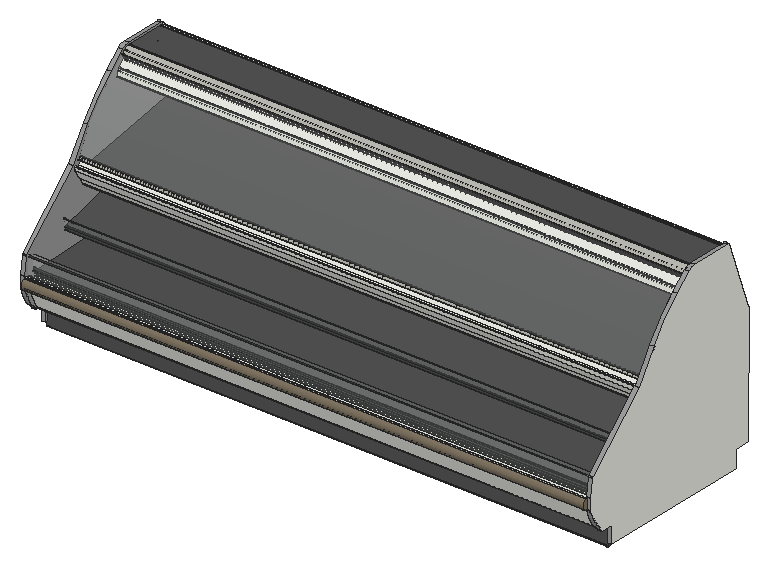
Revit family "CR3-M_2014", category Specialty Equipment, Revit 2014
Parameters (values of type "12'-0" Length")
  Width = 144"
  Waste Drain = 1 1/2"  # constant formula
  Upper Drain = if(Width = 48", 32", if(Width = 72", 44", if(Width = 96", 56", if(Width = 144", 77", 0"))))  # 77"
  URL = "www.hussmann.com"
  Type Comments = "Chino"  # constant formula
  Trim = Stainless Steel
  Total Weight = Case Weight + (2 * End Weight)  # 0.00 lbf
  Splashguard = Textured Sheet Metal (Steel Painted) - 701 Black
  Side Panel - Right [instance] = yes
  Side Panel - Left [instance] = yes
  Shelves = Sheet Metal (Steel Painted) - 701 Black
  Revit Family Date = "09/15/2016"  # constant formula
  Refrigeration Lines Suction = 5/8"  # constant formula
  Refrigeration Lines Liquid = 3/8"  # constant formula
  Refrig. Suction = "Suction"
  Refrig. Liquid = "Liquid"
  Number of Supports = if(Width < 70", 2, if(Width < 140", 3, 4))  # 4
  Note from Manufacturer = "This model only comes in 4'-0\", 6'-0\", 8'-0\", and 12'-0\" lengths."
  Model URL = "http://www.hussmann.com/en/product%20viewer/display-cases/R3M,%20CR3M,%20R3F,%20CR3F"
  Model = "CR3-M"  # constant formula
  Manufacturer Disclaimer = "The information in this file is not intended to be an exact representation of the corresponding Hussmann product.  Further, we reserve the right to change or revise specifications and product design in connection with any feature of our products. Such changes do not entitle the buyer to corresponding changes, improvements, additions, or replacements for equipment previously sold or shipped."  # constant formula
  Manufacturer = "Hussmann Corporation"  # constant formula
  Lower Drain = if(Width = 48", 7", if(Width = 72", 41", if(Width = 96", 53", if(Width = 144", 65", 0"))))  # 65"
  Height = 53 1/4"  # constant formula
  Glazing = Glass
  Ends = Textured Sheet Metal (Steel Painted) - 149 White Satin Matte
  End Weight = 0.00 lbf  # constant formula
  Door Frame = Plastic - 144 Mist Gray
  Description = "Service Meat Top, Multi-Deck, Self-Service Front Merchandiser with Refrigerated or Dry Rear Storage - Curved Glass"  # constant formula
  Depth = 51 3/8"  # constant formula
  Cutsheet URL = "http://www.hussmann.com/en/Technical%20Documents/R3-M,%20CR3-M,%20R3-F,%20CR3-F_ds_En.pdf"
  Case Weight = if(Width = 48", 0.00 lbf, if(Width = 72", 0.00 lbf, if(Width = 96", 0.00 lbf, if(Width = 144", 0.00 lbf, 0.00 lbf))))  # 0.00 lbf
  Case Interior - Side Panel = Stainless Steel
  Case Interior - Back Panel = Stainless Steel
  Case = Textured Sheet Metal (Steel Painted) - 149 White Satin Matte
  Bumper = Extruded PVC - 747 Chocolate Brown
  Assembly Code = ""
  Accessories/Options = ""
  8 Case = Width = 96"  # no
  6 Case = Width = 72"  # no
  4 Case = Width = 48"  # no
  12 Case = Width = 144"  # yes
Reference planes (in)
  plane 1 "Back": y = 0
  plane 2 "Bottom": z = 0
  plane 3 "Top": z = 53.25
  plane 4 "Left": x = -77.30699
  plane 5 "Front": y = -51.375
  plane 6 "Center (Left/Right)": x = -5.30699
  plane 7: x = -78.43199
  plane 8 "Right": x = 66.69301
  plane 9: x = 67.81801
Forms (in)
  Extrusion 1, solid, material "Metal - Copper"
    sketch origin (63.0625, 1.04319, 0) x (1, 0, 0) y (0, 1, 0)
      loop
        arc (-76.49449, -39.16819) -> (-77.02482, -39.38786) -> (-77.24449, -39.91819) r 0.75
        arc (-77.24449, -39.91819) -> (-77.02482, -40.44852) -> (-76.49449, -40.66819) r 0.75
        arc (-76.49449, -40.66819) -> (-75.96416, -40.44852) -> (-75.74449, -39.91819) r 0.75
        arc (-75.74449, -39.91819) -> (-75.96416, -39.38786) -> (-76.49449, -39.16819) r 0.75
      loop
        circle (-76.49449, -39.91819) r 0.7102
    from 5.98508 to 0
  Extrusion 2, solid, material "Metal - Copper"
    sketch origin (57.40105, 5, -0.375) x (1, 0, 0) y (0, 1, 0)
      loop
        circle (2.97946, -42.125) r 0.28859
      loop
        circle (2.97946, -42.125) r 0.3125
    from 6.36008 to 0.375
  Extrusion 3, solid, material "Metal - Copper"
    sketch origin (59.82608, 5, -0.375) x (1, 0, 0) y (0, 1, 0)
      loop
        circle (1.05443, -42.125) r 0.17188
      loop
        circle (1.05443, -42.125) r 0.1875
    from 6.36008 to 0.375
  Extrusion 4, solid, material "Textured Sheet Metal (Steel Painted) - 149 White Satin Matte" <- "Case"
    sketch origin (-5.30699, 0, 0) x (0, 1, 0) y (0, 0, 1)
      loop
        line (-33.38837, 32.56835) -> (-32.48582, 33.74457)
        arc (-32.48582, 33.74457) -> (-32.43851, 33.76986) -> (-32.38829, 33.75097) r 0.065
        line (-32.38829, 33.75097) -> (-31.8949, 33.25757)
        arc (-31.8949, 33.25757) -> (-31.88081, 33.23648) -> (-31.87586, 33.21161) r 0.065
        line (-31.87586, 33.21161) -> (-31.87586, 32.51032)
        arc (-31.87586, 32.51032) -> (-31.87184, 32.49532) -> (-31.86086, 32.48434) r 0.03
        line (-31.86086, 32.48434) -> (-29.72273, 31.24989) -> (-28.88555, 31.3975)
        arc (-28.88555, 31.3975) -> (-28.83699, 31.38674) -> (-28.81026, 31.34478) r 0.065
        line (-28.81026, 31.34478) -> (-28.71363, 30.79681)
        arc (-28.71363, 30.79681) -> (-28.7013, 30.77744) -> (-28.67888, 30.77247) r 0.03
        line (-28.67888, 30.77247) -> (-27.45089, 30.989)
        arc (-27.45089, 30.989) -> (-27.40232, 30.97823) -> (-27.37559, 30.93628) r 0.065
        line (-27.37559, 30.93628) -> (-27.32528, 30.65098)
        arc (-27.32528, 30.65098) -> (-27.31599, 30.63406) -> (-27.29832, 30.6263) r 0.03
        line (-27.29832, 30.6263) -> (-26.84553, 30.58709) -> (-26.86198, 30.39712) -> (-19.20364, 29.99547) -> (-15.18644, 29.99547) -> (-4.3474, 30.51941) -> (-4.3474, 35.42711) -> (-2.94716, 35.42711) -> (-2.98168, 35.52197) -> (-4.51597, 35.52197)
        arc (-4.51597, 35.52197) -> (-4.53525, 35.51495) -> (-4.54551, 35.49718) r 0.03
        line (-4.54551, 35.49718) -> (-4.63952, 34.96406) -> (-4.70058, 34.97482) -> (-4.60657, 35.50794)
        arc (-4.60657, 35.50794) -> (-4.57511, 35.56244) -> (-4.51597, 35.58397) r 0.092
        line (-4.51597, 35.58397) -> (-2.23313, 35.58397) -> (-0.23594, 36.31089)
        arc (-0.23594, 36.31089) -> (-0.16559, 36.30782) -> (-0.11802, 36.2559) r 0.092
        line (-0.11802, 36.2559) -> (-0.00555, 35.94689)
        arc (-0.00555, 35.94689) -> (-0.0014, 35.9314) -> (0, 35.91542) r 0.092
        line (0, 35.91542) -> (0, 35.28405) -> (-0.02202, 35.03232) -> (-0.08379, 35.03772) -> (-0.062, 35.28806) -> (-0.062, 35.41322) -> (-0.27598, 35.41322) -> (-0.20665, 35.15451) -> (-0.20665, 28.41908) -> (-18.65057, 28.41908) -> (-18.65057, 7.54708) -> (-0.27157, 7.54708) -> (-0.27157, 5.90808)
        arc (-0.27157, 5.90808) -> (-0.29061, 5.86212) -> (-0.33657, 5.84308) r 0.065
        line (-0.33657, 5.84308) -> (-0.96459, 5.84308)
        arc (-0.96459, 5.84308) -> (-1.01438, 5.8663) -> (-1.0286, 5.91937) r 0.065
        line (-1.0286, 5.91937) -> (-0.92787, 6.49062) -> (-0.92787, 7.41108) -> (-2.27987, 7.41108) -> (-2.27987, 6.70416)
        arc (-2.27987, 6.70416) -> (-2.28779, 6.66436) -> (-2.31033, 6.63062) r 0.104
        line (-2.31033, 6.63062) -> (-2.99941, 5.94154)
        arc (-2.99941, 5.94154) -> (-3.03315, 5.91899) -> (-3.07295, 5.91108) r 0.104
        line (-3.07295, 5.91108) -> (-3.85387, 5.91108) -> (-3.85387, 5.98508) -> (-46.47246, 5.98508) -> (-46.54679, 5.78148)
        arc (-46.54679, 5.78148) -> (-46.60508, 5.73883) -> (-46.66679, 5.77636) r 0.065
        line (-46.66679, 5.77636) -> (-49.32381, 11.48883) -> (-50.2838, 11.48883)
        arc (-50.2838, 11.48883) -> (-50.34921, 11.51592) -> (-50.3763, 11.58133) r 0.0925
        line (-50.3763, 11.58133) -> (-50.3763, 14.20466)
        arc (-50.3763, 14.20466) -> (-50.34921, 14.27007) -> (-50.2838, 14.29716) r 0.0925
        line (-50.2838, 14.29716) -> (-49.57204, 14.29716)
        arc (-49.57204, 14.29716) -> (-49.50663, 14.27007) -> (-49.47954, 14.20466) r 0.0925
        line (-49.47954, 14.20466) -> (-49.47954, 13.11258) -> (-48.99211, 13.11258) -> (-48.99211, 13.96008) -> (-48.92961, 13.96008) -> (-48.92961, 13.58908) -> (-48.6086, 13.26808) -> (-47.30761, 13.26808) -> (-47.30761, 13.33008) -> (-46.87061, 13.33008) -> (-46.87061, 13.92649)
        arc (-46.87061, 13.92649) -> (-46.84366, 13.99154) -> (-46.77861, 14.01849) r 0.092
        line (-46.77861, 14.01849) -> (-45.83661, 14.01849)
        arc (-45.83661, 14.01849) -> (-45.77155, 13.99154) -> (-45.74461, 13.92649) r 0.092
        line (-45.74461, 13.92649) -> (-45.74461, 13.33008) -> (-45.39961, 13.33008)
        arc (-45.39961, 13.33008) -> (-45.33455, 13.30313) -> (-45.30761, 13.23808) r 0.092
        line (-45.30761, 13.23808) -> (-45.30761, 12.89308) -> (-45.36572, 12.89308) -> (-45.36572, 12.67135) -> (-45.43818, 12.40092) -> (-45.49855, 12.4171) -> (-45.42822, 12.67958) -> (-45.42822, 12.7762) -> (-46.47046, 12.7762) -> (-46.47046, 7.60758) -> (-19.73888, 7.60758) -> (-18.87522, 8.47125) -> (-18.87522, 10.98732) -> (-19.81272, 10.98732) -> (-19.81272, 11.22133) -> (-18.84907, 11.22133) -> (-18.84907, 28.20482) -> (-21.33057, 28.20482) -> (-21.33057, 24.603) -> (-21.46745, 24.603) -> (-21.46745, 23.87685) -> (-21.50774, 23.47946)
        arc (-21.50774, 23.47946) -> (-21.58178, 23.4217) -> (-21.63626, 23.49819) r 0.065
        line (-21.63626, 23.49819) -> (-21.50245, 24.20033) -> (-21.50245, 26.80753) -> (-22.46803, 27.77311) -> (-28.51585, 27.77311)
        arc (-28.51585, 27.77311) -> (-28.53268, 27.77533) -> (-28.54835, 27.78182) r 0.065
        line (-28.54835, 27.78182) -> (-30.14557, 28.70397) -> (-31.02158, 28.70397) -> (-31.21157, 28.59427)
        arc (-31.21157, 28.59427) -> (-31.22554, 28.57605) -> (-31.22254, 28.55328) r 0.03
        line (-31.22254, 28.55328) -> (-31.10515, 28.34998)
        arc (-31.10515, 28.34998) -> (-31.09865, 28.30066) -> (-31.12893, 28.26119) r 0.065
        line (-31.12893, 28.26119) -> (-31.96462, 27.77863)
        arc (-31.96462, 27.77863) -> (-32.01394, 27.77214) -> (-32.05341, 27.80242) r 0.065
        line (-32.05341, 27.80242) -> (-32.18495, 28.03022) -> (-32.14741, 28.0519) -> (-33.019, 29.56079) -> (-33.08089, 29.52506) -> (-34.33754, 31.61446) -> (-34.60221, 32.75898)
        arc (-34.60221, 32.75898) -> (-34.58024, 32.82376) -> (-34.51246, 32.83301) r 0.065
        line (-34.51246, 32.83301) -> (-34.30068, 32.73881) -> (-34.31866, 32.69839) -> (-33.54184, 32.32792) -> (-33.39162, 32.5637)
      loop
        line (-7.7013, 52.90428) -> (-17.15757, 52.90428) -> (-17.15757, 50.83167) -> (-18.95248, 50.83167)
        arc (-18.95248, 50.83167) -> (-18.98787, 50.82463) -> (-19.01788, 50.80458) r 0.0925
        line (-19.01788, 50.80458) -> (-20.44006, 49.3824)
        arc (-20.44006, 49.3824) -> (-20.46011, 49.2816) -> (-20.37465, 49.2245) r 0.0925
        line (-20.37465, 49.2245) -> (-20.45838, 49.2245)
        arc (-20.45838, 49.2245) -> (-20.49795, 49.21106) -> (-20.52116, 49.17632) r 0.065
        line (-20.52116, 49.17632) -> (-20.96518, 47.51924)
        arc (-20.96518, 47.51924) -> (-20.91949, 47.43971) -> (-20.83975, 47.48505) r 0.065
        line (-20.83975, 47.48505) -> (-20.75047, 47.807) -> (-20.7842, 47.81636) -> (-20.87348, 47.4944)
        arc (-20.87348, 47.4944) -> (-20.91028, 47.47348) -> (-20.93137, 47.51019) r 0.03
        line (-20.93137, 47.51019) -> (-20.50953, 49.0845) -> (-20.47593, 49.0755) -> (-20.47593, 48.56476)
        arc (-20.47593, 48.56476) -> (-20.45543, 48.51526) -> (-20.40593, 48.49476) r 0.07
        line (-20.40593, 48.49476) -> (-19.18749, 48.49476)
        arc (-19.18749, 48.49476) -> (-19.14153, 48.5138) -> (-19.12249, 48.55976) r 0.065
        line (-19.12249, 48.55976) -> (-19.12249, 49.1595)
        arc (-19.12249, 49.1595) -> (-19.14153, 49.20546) -> (-19.18749, 49.2245) r 0.065
        line (-19.18749, 49.2245) -> (-19.4124, 49.2245) -> (-19.4124, 49.287) -> (-20.08187, 49.287) -> (-18.85794, 50.51093) -> (-10.33522, 50.51093) -> (-10.33522, 50.81867) -> (-8.18319, 50.81867) -> (-8.3657, 50.31723)
        arc (-8.3657, 50.31723) -> (-8.3631, 50.25759) -> (-8.31908, 50.21726) r 0.078
        line (-8.31908, 50.21726) -> (-7.21684, 49.81607)
        arc (-7.21684, 49.81607) -> (-7.19016, 49.81137) -> (-7.16349, 49.81607) r 0.078
        line (-7.16349, 49.81607) -> (-5.87825, 50.28386)
        arc (-5.87825, 50.28386) -> (-5.83424, 50.32419) -> (-5.83163, 50.38383) r 0.078
        arc (-5.83163, 50.38383) -> (-5.78406, 50.33192) -> (-5.71372, 50.32885) r 0.092
        line (-5.71372, 50.32885) -> (-5.41208, 50.43863)
        arc (-5.41208, 50.43863) -> (-5.36016, 50.4862) -> (-5.35709, 50.55655) r 0.092
        line (-5.35709, 50.55655) -> (-6.30348, 53.15672)
        arc (-6.30348, 53.15672) -> (-6.41404, 53.30081) -> (-6.58726, 53.35543) r 0.302
        line (-6.58726, 53.35543) -> (-7.1713, 53.35543)
        arc (-7.1713, 53.35543) -> (-7.23635, 53.32848) -> (-7.2633, 53.26343) r 0.092
        line (-7.2633, 53.26343) -> (-7.2633, 52.98303) -> (-7.6233, 52.98303)
        arc (-7.6233, 52.98303) -> (-7.67872, 52.95992) -> (-7.7013, 52.90428) r 0.078
      loop
        arc (-8.70629, 49.87386) -> (-8.55803, 49.99329) -> (-8.49628, 50.17339) r 0.34306
        line (-8.49628, 50.17339) -> (-8.49245, 50.25227) -> (-8.62388, 50.25405) -> (-18.46227, 50.3871) -> (-18.46058, 50.30815)
        arc (-18.46058, 50.30815) -> (-18.4035, 50.12616) -> (-18.25803, 50.0028) r 0.34295
        arc (-18.25803, 50.0028) -> (-18.21882, 49.96922) -> (-18.20356, 49.91992) r 0.093
        line (-18.20356, 49.91992) -> (-18.159, 48.15335)
        spline (-18.159, 48.15335) -> (-18.15533, 48.09935) -> (-18.14707, 48.04586) -> (-18.1343, 47.99327) -> (-18.11709, 47.94196) -> (-18.09558, 47.89229) -> (-18.06991, 47.84464) -> (-18.04029, 47.79934) -> (-18.00691, 47.75672) -> (-17.97003, 47.7171) -> (-17.9299, 47.68077) -> (-17.88683, 47.64797) -> (-17.84113, 47.61896)
        line (-17.84113, 47.61896) -> (-16.08485, 46.60647)
        spline (-16.08485, 46.60647) -> (-16.05336, 46.58834) -> (-16.02231, 46.57049) -> (-15.99206, 46.55314) -> (-15.96298, 46.53649) -> (-15.9354, 46.52074) -> (-15.90965, 46.50608) -> (-15.88605, 46.49268) -> (-15.86487, 46.48071) -> (-15.84637, 46.47029) -> (-15.83076, 46.46157) -> (-15.81823, 46.45464) -> (-15.80892, 46.44958)
        arc (-15.80892, 46.44958) -> (-15.75024, 46.42542) -> (-15.68736, 46.41686) r 0.24938
        line (-15.68736, 46.41686) -> (-10.05286, 46.3406) -> (-9.7997, 47.24959) -> (-9.40546, 47.63315)
        spline (-9.40546, 47.63315) -> (-9.39704, 47.6417) -> (-9.38901, 47.65061) -> (-9.38138, 47.65987) -> (-9.37415, 47.66944) -> (-9.36735, 47.67932) -> (-9.36099, 47.68949) -> (-9.35508, 47.69993) -> (-9.34963, 47.71061) -> (-9.34465, 47.72153) -> (-9.34015, 47.73265) -> (-9.33614, 47.74395) -> (-9.33263, 47.75542)
        line (-9.33263, 47.75542) -> (-8.7574, 49.79094)
        arc (-8.7574, 49.79094) -> (-8.74105, 49.84073) -> (-8.7004, 49.87378) r 0.09302
    from 72 to -72
  Extrusion 5, solid, material "Sheet Metal (Steel Painted) - 701 Black" <- "Shelves"
    sketch origin (-5.30699, 0, 0) x (0, 1, 0) y (0, 0, 1)
      loop
        line (-47.61712, 14.45678) -> (-47.60219, 13.99202) -> (-20.77257, 14.85426) -> (-20.77257, 24.58807) -> (-21.46057, 24.58807) -> (-21.46057, 15.3324) -> (-47.61825, 14.49176)
        arc (-47.61825, 14.49176) -> (-47.63973, 14.49986) -> (-47.6492, 14.52078) r 0.03
        line (-47.6492, 14.52078) -> (-47.68035, 15.49028)
        arc (-47.68035, 15.49028) -> (-47.75306, 15.55273) -> (-47.80894, 15.47486) r 0.065
        line (-47.80894, 15.47486) -> (-47.73857, 15.13915) -> (-47.70432, 15.14633) -> (-47.68418, 14.51966)
        arc (-47.68418, 14.51966) -> (-47.66367, 14.47433) -> (-47.61712, 14.45678) r 0.065
    from 72 to -72
  Extrusion 6, solid, material "Sheet Metal (Steel Painted) - 701 Black" <- "Shelves"
    sketch origin (-5.30699, 0, 0) x (0, 1, 0) y (0, 0, 1)
      loop
        arc (-37.37591, 20.55304) -> (-37.41386, 20.52392) -> (-37.4201, 20.4765) r 0.0625
        line (-37.4201, 20.4765) -> (-37.20032, 19.65628) -> (-37.45375, 19.58853) -> (-37.62233, 20.31883) -> (-37.68275, 20.30488) -> (-37.51403, 19.5741)
        arc (-37.51403, 19.5741) -> (-37.48555, 19.53491) -> (-37.43757, 19.52816) r 0.062
        line (-37.43757, 19.52816) -> (-36.59239, 19.75463) -> (-36.60996, 19.82019)
        arc (-36.60996, 19.82019) -> (-36.5977, 19.83875) -> (-36.59726, 19.86099) r 0.04
        line (-36.59726, 19.86099) -> (-36.77098, 20.52878) -> (-35.92628, 20.75209) -> (-35.88731, 20.60665) -> (-35.804, 20.62897)
        arc (-35.804, 20.62897) -> (-35.77744, 20.62547) -> (-35.76113, 20.60422) r 0.035
        line (-35.76113, 20.60422) -> (-35.68092, 20.30489)
        arc (-35.68092, 20.30489) -> (-35.66826, 20.27965) -> (-35.64666, 20.26146) r 0.07
        line (-35.64666, 20.26146) -> (-35.12588, 19.97927)
        arc (-35.12588, 19.97927) -> (-35.04917, 19.98586) -> (-35.02491, 20.05893) r 0.07
        line (-35.02491, 20.05893) -> (-35.07702, 20.25341) -> (-21.79848, 23.74887)
        arc (-21.79848, 23.74887) -> (-21.76053, 23.77799) -> (-21.75428, 23.82542) r 0.0625
        line (-21.75428, 23.82542) -> (-21.9484, 24.54987)
        arc (-21.9484, 24.54987) -> (-21.97752, 24.58782) -> (-22.02494, 24.59406) r 0.0625
        line (-22.02494, 24.59406) -> (-37.37591, 20.55304)
    from 72 to -72
  Extrusion 7, solid, material "Glass" <- "Glazing"
    sketch origin (-5.30699, 0, 0) x (0, 1, 0) y (0, 0, 1)
      loop
        line (-38.15322, 22.24812) -> (-37.44146, 19.59182) -> (-37.19994, 19.65639) -> (-37.91173, 22.31283)
        arc (-37.91173, 22.31283) -> (-38.06483, 22.40122) -> (-38.15322, 22.24812) r 0.125
    from 72 to -72
  Extrusion 8, solid, material "Glass" <- "Glazing"
    sketch origin (-5.30699, 0, 0) x (0, 1, 0) y (0, 0, 1)
      loop
        line (-49.47954, 18.6907) -> (-49.47954, 13.11258) -> (-48.99211, 13.11258) -> (-48.99211, 18.61243)
        arc (-48.99211, 18.61243) -> (-49.20247, 18.85926) -> (-49.47954, 18.6907) r 0.25
    from 72 to -72
  Extrusion 9, solid, material "Extruded PVC - 747 Chocolate Brown" <- "Bumper"
    sketch origin (-5.30699, 0, 0) x (0, 1, 0) y (0, 0, 1)
      loop
        arc (-50.3763, 13.97878) -> (-51.3763, 12.72878) -> (-50.3763, 11.47878) r 1.28125
        line (-50.3763, 11.47878) -> (-50.3763, 13.97878)
    from 72 to -72
  Extrusion 10, solid, material "Sheet Metal (Steel Painted) - 701 Black" <- "Shelves"
    sketch origin (-5.30699, 0, 0) x (0, 1, 0) y (0, 0, 1)
      loop
        line (-7.38303, 53.29798) -> (-17.05429, 53.29798) -> (-17.09366, 53.25861) -> (-17.09366, 53.02831) -> (-16.98879, 52.90767) -> (-16.79783, 52.90767) -> (-16.73329, 52.98302) -> (-7.38303, 52.98302) -> (-7.34366, 53.02239) -> (-7.34366, 53.25861) -> (-7.38303, 53.29798)
    from 72 to -72
  Extrusion 11, solid, material "Plastic - 144 Mist Gray" <- "Door Frame"
    sketch origin (-5.30699, 0, 0) x (0, 1, 0) y (0, 0, 1)
      loop
        line (-32.96754, 34.44172) -> (-33.23095, 33.77271)
        arc (-33.23095, 33.77271) -> (-33.23011, 33.72527) -> (-33.19597, 33.69231) r 0.062
        line (-33.19597, 33.69231) -> (-32.96467, 33.60295)
        arc (-32.96467, 33.60295) -> (-32.91766, 33.6039) -> (-32.88483, 33.63756) r 0.062
        line (-32.88483, 33.63756) -> (-32.87204, 33.66924)
        arc (-32.87204, 33.66924) -> (-32.83903, 33.70299) -> (-32.79184, 33.70372) r 0.062
        line (-32.79184, 33.70372) -> (-32.72201, 33.67623)
        arc (-32.72201, 33.67623) -> (-32.66747, 33.73008) -> (-32.68762, 33.80403) r 0.07595
        line (-32.68762, 33.80403) -> (-32.66677, 33.85729) -> (-32.51145, 33.71117) -> (-32.3787, 33.88418) -> (-32.54549, 34.14124)
        arc (-32.54549, 34.14124) -> (-32.489, 34.18537) -> (-32.49373, 34.2569) r 0.07661
        line (-32.49373, 34.2569) -> (-32.64938, 34.31713)
        arc (-32.64938, 34.31713) -> (-32.66833, 34.31835) -> (-32.68443, 34.30828) r 0.031
        arc (-32.68443, 34.30828) -> (-32.81429, 33.98404) -> (-32.94132, 33.65868) r 40
        line (-32.94132, 33.65868) -> (-33.17394, 33.75027)
        arc (-33.17394, 33.75027) -> (-33.04315, 34.08514) -> (-32.90937, 34.41882) r 40.25
        line (-32.90937, 34.41882) -> (-32.96754, 34.44172)
      loop
        line (-18.83593, 51.52449) -> (-18.6385, 51.17915)
        arc (-18.6385, 51.17915) -> (-18.55725, 51.08594) -> (-18.44638, 51.03119) r 0.31496
        line (-18.44638, 51.03119) -> (-17.69979, 50.83167) -> (-17.15757, 50.83167) -> (-17.15757, 52.90428) -> (-16.98584, 52.90428) -> (-17.06801, 52.99881) -> (-17.13592, 52.99881) -> (-17.13592, 53.27146)
        arc (-17.13592, 53.27146) -> (-17.14169, 53.28538) -> (-17.15561, 53.29115) r 0.01969
        line (-17.15561, 53.29115) -> (-17.23567, 53.29115)
        arc (-17.23567, 53.29115) -> (-17.40817, 53.06189) -> (-17.49374, 52.78804) r 0.84252
        line (-17.49374, 52.78804) -> (-17.56189, 52.78518)
        arc (-17.56189, 52.78518) -> (-17.51746, 52.98456) -> (-17.43036, 53.16932) r 0.9252
        arc (-17.43036, 53.16932) -> (-17.43084, 53.19069) -> (-17.45052, 53.19902) r 0.01968
        arc (-17.45052, 53.19902) -> (-18.50854, 52.75906) -> (-19.2771, 51.9092) r 2.61653
        arc (-19.2771, 51.9092) -> (-19.27989, 51.87327) -> (-19.25227, 51.85012) r 0.03937
        line (-19.25227, 51.85012) -> (-18.61303, 52.29494) -> (-18.48735, 52.38442)
        arc (-18.48735, 52.38442) -> (-18.42794, 52.3978) -> (-18.37675, 52.36481) r 0.07874
        line (-18.37675, 52.36481) -> (-18.31698, 52.27768) -> (-18.44492, 52.27232) -> (-18.49919, 52.15378) -> (-18.44373, 52.07574)
        arc (-18.44373, 52.07574) -> (-18.43706, 52.04602) -> (-18.45358, 52.02044) r 0.03937
        line (-18.45358, 52.02044) -> (-18.58078, 51.93334) -> (-19.06946, 51.59874)
        arc (-19.06946, 51.59874) -> (-19.09424, 51.56037) -> (-19.08424, 51.5158) r 0.05905
        line (-19.08424, 51.5158) -> (-19.01642, 51.42037)
        arc (-19.01642, 51.42037) -> (-19.00366, 51.41237) -> (-18.98897, 51.41573) r 0.01969
        line (-18.98897, 51.41573) -> (-18.83593, 51.52449)
    from 72 to -72
  Extrusion 12, solid, material "Textured Sheet Metal (Steel Painted) - 701 Black" <- "Splashguard"
    sketch origin (-5.30699, 0, 0) x (0, 1, 0) y (0, 0, 1)
      loop
        arc (-43.33825, 5.48508) -> (-43.363, 5.47483) -> (-43.37325, 5.45008) r 0.035
        line (-43.37325, 5.45008) -> (-43.37325, 0.02008)
        arc (-43.37325, 0.02008) -> (-43.363, -0.00467) -> (-43.33825, -0.01492) r 0.035
        line (-43.33825, -0.01492) -> (-42.83825, -0.01492)
        arc (-42.83825, -0.01492) -> (-42.8135, -0.00467) -> (-42.80325, 0.02008) r 0.035
        line (-42.80325, 0.02008) -> (-42.80325, 0.39508) -> (-42.88512, 0.39508) -> (-42.88512, 5.07508) -> (-42.80325, 5.07508) -> (-42.80325, 5.45008)
        arc (-42.80325, 5.45008) -> (-42.8135, 5.47483) -> (-42.83825, 5.48508) r 0.035
        line (-42.83825, 5.48508) -> (-43.33825, 5.48508)
      loop
        line (-4.19387, 5.48508) -> (-4.19387, 0.45495) -> (-3.8561, 0.05241) -> (-3.47425, -0.01492) -> (-3.46817, 0.01955) -> (-3.83748, 0.08467) -> (-4.15887, 0.46769) -> (-4.15887, 5.48508) -> (-4.19387, 5.48508)
    from 72 to -72
  Extrusion 13, solid, material "Sheet Metal (Steel Painted) - 701 Black" <- "Shelves"
    sketch origin (-5.30699, 0, 0) x (0, 1, 0) y (0, 0, 1)
      loop
        line (-30.31615, 31.72987) -> (-30.75068, 31.98075)
        arc (-30.75068, 31.98075) -> (-30.82336, 31.95979) -> (-30.79966, 31.88796) r 0.0525
        line (-30.79966, 31.88796) -> (-30.46163, 31.72559) -> (-30.44364, 31.76306) -> (-30.3431, 31.70502)
        arc (-30.3431, 31.70502) -> (-30.32189, 31.6973) -> (-30.29931, 31.6973) r 0.065
        line (-30.29931, 31.6973) -> (-29.01078, 31.9245) -> (-28.94987, 31.57908) -> (-4.26812, 35.93113) -> (-4.32903, 36.27656) -> (-4.20183, 36.29899)
        arc (-4.20183, 36.29899) -> (-4.18257, 36.29595) -> (-4.16925, 36.28172) r 0.03
        line (-4.16925, 36.28172) -> (-4.07651, 36.07493) -> (-4.04458, 36.08926) -> (-4.13731, 36.29604)
        arc (-4.13731, 36.29604) -> (-4.16618, 36.32688) -> (-4.20791, 36.33346) r 0.065
        line (-4.20791, 36.33346) -> (-30.31615, 31.72987)
    from 72 to -72
  Extrusion 14, solid, material "Glass" <- "Glazing"
    sketch origin (-5.30699, 0, 0) x (0, 1, 0) y (0, 0, 1)
      loop
        line (-18.48736, 52.0493) -> (-18.63016, 52.2545)
        arc (-18.63016, 52.2545) -> (-27.28477, 44.08917) -> (-33.17394, 33.75027) r 40.25
        line (-33.17394, 33.75027) -> (-32.94132, 33.65868)
        arc (-32.94132, 33.65868) -> (-27.08866, 43.93412) -> (-18.48736, 52.0493) r 40
    from 72 to -72
  Extrusion 15, solid, material "Metal - Copper"
    sketch origin (-56.6875, 24.04319, 0) x (1, 0, 0) y (0, 1, 0)
      loop
        arc (56.38051, -40.66819) -> (55.85018, -40.88786) -> (55.63051, -41.41819) r 0.75
        arc (55.63051, -41.41819) -> (55.85018, -41.94852) -> (56.38051, -42.16819) r 0.75
        arc (56.38051, -42.16819) -> (56.91084, -41.94852) -> (57.13051, -41.41819) r 0.75
        arc (57.13051, -41.41819) -> (56.91084, -40.88786) -> (56.38051, -40.66819) r 0.75
      loop
        circle (56.38051, -41.41819) r 0.7102
    from 5.98508 to 0
  Extrusion 16, solid, material "Glass" <- "Glazing"
    sketch origin (-5.30699, 0, 0) x (0, 1, 0) y (0, 0, 1)
      loop
        line (-47.77768, 18.51872) -> (-47.6492, 14.52078) -> (-47.39933, 14.52881) -> (-47.52781, 18.52675) -> (-47.77768, 18.51872)
    from 72 to -72
  Extrusion 17, solid, material "Stainless Steel" <- "Case Interior - Back Panel", visible <- "12 Case"
    sketch origin (-77.30699, 0, 0) x (0, 1, 0) y (0, 0, 1)
      loop
        line (-3.0039, 35.56897) -> (-2.27433, 35.56897) -> (-0.17956, 36.33141) -> (-5.4525, 50.81867) -> (-8.55461, 50.81867) -> (-3.0039, 35.56897)
    from 144 to 143.5
  Extrusion 18, solid, material "Stainless Steel" <- "Case Interior - Back Panel", visible <- "12 Case"
    sketch origin (-77.30699, 0, 0) x (0, 1, 0) y (0, 0, 1)
      loop
        line (-3.0039, 35.56897) -> (-2.27433, 35.56897) -> (-0.17956, 36.33141) -> (-5.4525, 50.81867) -> (-8.55461, 50.81867) -> (-3.0039, 35.56897)
    from 96.5 to 95.5
  Extrusion 19, solid, material "Stainless Steel" <- "Case Interior - Back Panel", visible <- "12 Case"
    sketch origin (-77.30699, 0, 0) x (0, 1, 0) y (0, 0, 1)
      loop
        line (-3.0039, 35.56897) -> (-2.27433, 35.56897) -> (-0.17956, 36.33141) -> (-5.4525, 50.81867) -> (-8.55461, 50.81867) -> (-3.0039, 35.56897)
    from 48.5 to 47.5
  Extrusion 20, solid, material "Stainless Steel" <- "Case Interior - Back Panel", visible <- "12 Case"
    sketch origin (-77.30699, 0, 0) x (0, 1, 0) y (0, 0, 1)
      loop
        line (-3.0039, 35.56897) -> (-2.27433, 35.56897) -> (-0.17956, 36.33141) -> (-5.4525, 50.81867) -> (-8.55461, 50.81867) -> (-3.0039, 35.56897)
    from 0.5 to 0
  Extrusion 21, solid, material "Stainless Steel" <- "Case Interior - Back Panel", visible <- "12 Case", not visible
    sketch origin (-77.30699, 0, 0) x (0, 1, 0) y (0, 0, 1)
      loop
        line (-3.0039, 35.56897) -> (-2.27433, 35.56897) -> (-0.17956, 36.33141) -> (-5.4525, 50.81867) -> (-8.55461, 50.81867) -> (-3.0039, 35.56897)
    from 144 to 143.5
  Extrusion 22, solid, material "Stainless Steel" <- "Case Interior - Back Panel", visible <- "12 Case", not visible
    sketch origin (-77.30699, 0, 0) x (0, 1, 0) y (0, 0, 1)
      loop
        line (-3.0039, 35.56897) -> (-2.27433, 35.56897) -> (-0.17956, 36.33141) -> (-5.4525, 50.81867) -> (-8.55461, 50.81867) -> (-3.0039, 35.56897)
    from 96.5 to 95.5
  Extrusion 23, solid, material "Stainless Steel" <- "Case Interior - Back Panel", visible <- "12 Case", not visible
    sketch origin (-77.30699, 0, 0) x (0, 1, 0) y (0, 0, 1)
      loop
        line (-3.0039, 35.56897) -> (-2.27433, 35.56897) -> (-0.17956, 36.33141) -> (-5.4525, 50.81867) -> (-8.55461, 50.81867) -> (-3.0039, 35.56897)
    from 48.5 to 47.5
  Extrusion 24, solid, material "Stainless Steel" <- "Case Interior - Back Panel", visible <- "12 Case", not visible
    sketch origin (-77.30699, 0, 0) x (0, 1, 0) y (0, 0, 1)
      loop
        line (-3.0039, 35.56897) -> (-2.27433, 35.56897) -> (-0.17956, 36.33141) -> (-5.4525, 50.81867) -> (-8.55461, 50.81867) -> (-3.0039, 35.56897)
    from 0.5 to 0
  Extrusion 25, solid, material "Stainless Steel" <- "Case Interior - Back Panel", visible <- "8 Case"
    sketch origin (-77.30699, 0, 0) x (0, 1, 0) y (0, 0, 1)
      loop
        line (-3.0039, 35.56897) -> (-2.27433, 35.56897) -> (-0.17956, 36.33141) -> (-5.4525, 50.81867) -> (-8.55461, 50.81867) -> (-3.0039, 35.56897)
    from 96 to 95.5
  Extrusion 26, solid, material "Stainless Steel" <- "Case Interior - Back Panel", visible <- "8 Case"
    sketch origin (-77.30699, 0, 0) x (0, 1, 0) y (0, 0, 1)
      loop
        line (-3.0039, 35.56897) -> (-2.27433, 35.56897) -> (-0.17956, 36.33141) -> (-5.4525, 50.81867) -> (-8.55461, 50.81867) -> (-3.0039, 35.56897)
    from 48.5 to 47.5
  Extrusion 27, solid, material "Stainless Steel" <- "Case Interior - Back Panel", visible <- "8 Case"
    sketch origin (-77.30699, 0, 0) x (0, 1, 0) y (0, 0, 1)
      loop
        line (-3.0039, 35.56897) -> (-2.27433, 35.56897) -> (-0.17956, 36.33141) -> (-5.4525, 50.81867) -> (-8.55461, 50.81867) -> (-3.0039, 35.56897)
    from 0.5 to 0
  Extrusion 28, solid, material "Stainless Steel" <- "Case Interior - Back Panel", visible <- "8 Case", not visible
    sketch origin (-77.30699, 0, 0) x (0, 1, 0) y (0, 0, 1)
      loop
        line (-3.0039, 35.56897) -> (-2.27433, 35.56897) -> (-0.17956, 36.33141) -> (-5.4525, 50.81867) -> (-8.55461, 50.81867) -> (-3.0039, 35.56897)
    from 96 to 95.5
  Extrusion 29, solid, material "Stainless Steel" <- "Case Interior - Back Panel", visible <- "8 Case", not visible
    sketch origin (-77.30699, 0, 0) x (0, 1, 0) y (0, 0, 1)
      loop
        line (-3.0039, 35.56897) -> (-2.27433, 35.56897) -> (-0.17956, 36.33141) -> (-5.4525, 50.81867) -> (-8.55461, 50.81867) -> (-3.0039, 35.56897)
    from 48.5 to 47.5
  Extrusion 30, solid, material "Stainless Steel" <- "Case Interior - Back Panel", visible <- "8 Case", not visible
    sketch origin (-77.30699, 0, 0) x (0, 1, 0) y (0, 0, 1)
      loop
        line (-3.0039, 35.56897) -> (-2.27433, 35.56897) -> (-0.17956, 36.33141) -> (-5.4525, 50.81867) -> (-8.55461, 50.81867) -> (-3.0039, 35.56897)
    from 0.5 to 0
  Extrusion 31, solid, material "Stainless Steel" <- "Case Interior - Back Panel", visible <- "6 Case"
    sketch origin (-77.30699, 0, 0) x (0, 1, 0) y (0, 0, 1)
      loop
        line (-3.0039, 35.56897) -> (-2.27433, 35.56897) -> (-0.17956, 36.33141) -> (-5.4525, 50.81867) -> (-8.55461, 50.81867) -> (-3.0039, 35.56897)
    from 72 to 71.5
  Extrusion 32, solid, material "Stainless Steel" <- "Case Interior - Back Panel", visible <- "6 Case"
    sketch origin (-77.30699, 0, 0) x (0, 1, 0) y (0, 0, 1)
      loop
        line (-3.0039, 35.56897) -> (-2.27433, 35.56897) -> (-0.17956, 36.33141) -> (-5.4525, 50.81867) -> (-8.55461, 50.81867) -> (-3.0039, 35.56897)
    from 0.5 to 0
  Extrusion 33, solid, material "Stainless Steel" <- "Case Interior - Back Panel", visible <- "6 Case", not visible
    sketch origin (-72.99499, 10.38492, -11.25191) x (0, 1, 0) y (0, 0, 1)
      loop
        line (-3.0039, 35.56897) -> (-2.27433, 35.56897) -> (-0.17956, 36.33141) -> (-5.4525, 50.81867) -> (-8.55461, 50.81867) -> (-3.0039, 35.56897)
    from 72 to 71.5
  Extrusion 34, solid, material "Stainless Steel" <- "Case Interior - Back Panel", visible <- "6 Case", not visible
    sketch origin (-72.99499, 10.38492, -11.25191) x (0, 1, 0) y (0, 0, 1)
      loop
        line (-3.0039, 35.56897) -> (-2.27433, 35.56897) -> (-0.17956, 36.33141) -> (-5.4525, 50.81867) -> (-8.55461, 50.81867) -> (-3.0039, 35.56897)
    from 0.5 to 0
  Extrusion 35, solid, material "Stainless Steel" <- "Case Interior - Back Panel", visible <- "4 Case"
    sketch origin (-77.30699, 0, 0) x (0, 1, 0) y (0, 0, 1)
      loop
        line (-3.0039, 35.56897) -> (-2.27433, 35.56897) -> (-0.17956, 36.33141) -> (-5.4525, 50.81867) -> (-8.55461, 50.81867) -> (-3.0039, 35.56897)
    from 48 to 47.5
  Extrusion 36, solid, material "Stainless Steel" <- "Case Interior - Back Panel", visible <- "4 Case"
    sketch origin (-77.30699, 0, 0) x (0, 1, 0) y (0, 0, 1)
      loop
        line (-3.0039, 35.56897) -> (-2.27433, 35.56897) -> (-0.17956, 36.33141) -> (-5.4525, 50.81867) -> (-8.55461, 50.81867) -> (-3.0039, 35.56897)
    from 0.5 to 0
  Extrusion 37, solid, material "Stainless Steel" <- "Case Interior - Back Panel", visible <- "4 Case", not visible
    sketch origin (-77.30699, 0, 0) x (0, 1, 0) y (0, 0, 1)
      loop
        line (-3.0039, 35.56897) -> (-2.27433, 35.56897) -> (-0.17956, 36.33141) -> (-5.4525, 50.81867) -> (-8.55461, 50.81867) -> (-3.0039, 35.56897)
    from 48 to 47.5
  Extrusion 38, solid, material "Stainless Steel" <- "Case Interior - Back Panel", visible <- "4 Case", not visible
    sketch origin (-77.30699, 0, 0) x (0, 1, 0) y (0, 0, 1)
      loop
        line (-3.0039, 35.56897) -> (-2.27433, 35.56897) -> (-0.17956, 36.33141) -> (-5.4525, 50.81867) -> (-8.55461, 50.81867) -> (-3.0039, 35.56897)
    from 0.5 to 0
  Extrusion 39, solid, material "Textured Sheet Metal (Steel Painted) - 149 White Satin Matte" <- "Ends", visible <- "Side Panel - Right"
    sketch origin (66.69301, 0, 0) x (0, 0, 1) y (0, -1, 0)
      loop
        line (14.37387, 50.38493) -> (11.46764, 50.38493)
        arc (11.46764, 50.38493) -> (11.43063, 50.38218) -> (11.39444, 50.37398) r 0.25
        arc (11.39444, 50.37398) -> (8.20563, 48.95989) -> (5.44554, 46.82679) r 14.53568
        arc (5.44554, 46.82679) -> (5.38353, 46.72278) -> (5.36534, 46.60305) r 0.315
        line (5.36534, 46.60305) -> (5.36534, 43.99632)
        arc (5.36534, 43.99632) -> (5.2555, 43.73116) -> (4.99034, 43.62132) r 0.375
        line (4.99034, 43.62132) -> (1, 43.62132) -> (1, 3.98736) -> (4.99034, 3.98736)
        arc (4.99034, 3.98736) -> (5.2555, 3.87752) -> (5.36534, 3.61236) r 0.375
        line (5.36534, 3.61236) -> (5.36534, 0.20841)
        arc (5.36534, 0.20841) -> (5.43856, 0.03163) -> (5.61534, -0.04159) r 0.25
        line (5.61534, -0.04159) -> (36.42209, -0.04159)
        arc (36.42209, -0.04159) -> (36.4655, -0.0378) -> (36.5076, -0.02652) r 0.25
        line (36.5076, -0.02652) -> (53.39927, 6.12155)
        arc (53.39927, 6.12155) -> (53.51856, 6.21308) -> (53.56377, 6.35647) r 0.25
        line (53.56377, 6.35647) -> (53.56377, 16.83579)
        arc (53.56377, 16.83579) -> (53.36675, 17.90503) -> (52.80158, 18.83383) r 3
        line (52.80158, 18.83383) -> (49.42736, 22.61298)
        arc (49.42736, 22.61298) -> (45.2531, 26.66138) -> (40.54209, 30.07025) r 40.5
        line (40.54209, 30.07025) -> (33.07243, 34.6967)
        arc (33.07243, 34.6967) -> (33.03286, 34.72492) -> (32.99726, 34.75802) r 0.375
        line (32.99726, 34.75802) -> (18.99101, 49.58785)
        arc (18.99101, 49.58785) -> (18.89401, 49.66759) -> (18.7802, 49.72065) r 0.5
        arc (18.7802, 49.72065) -> (16.593, 50.15872) -> (14.37387, 50.38493) r 23.22394
    from 0 to 1.125
  Extrusion 40, solid, material "Textured Sheet Metal (Steel Painted) - 149 White Satin Matte" <- "Ends", visible <- "Side Panel - Left"
    sketch origin (-77.30699, 5.00314, 0) x (0, 1, 0) y (0, 0, 1)
      loop
        line (-39.76115, 32.99726) -> (-54.59099, 18.99101)
        arc (-54.59099, 18.99101) -> (-54.67073, 18.89401) -> (-54.72379, 18.7802) r 0.5
        arc (-54.72379, 18.7802) -> (-55.16185, 16.593) -> (-55.38807, 14.37387) r 23.22394
        line (-55.38807, 14.37387) -> (-55.38807, 11.46764)
        arc (-55.38807, 11.46764) -> (-55.38531, 11.43063) -> (-55.37711, 11.39444) r 0.25
        arc (-55.37711, 11.39444) -> (-53.96302, 8.20563) -> (-51.82993, 5.44554) r 14.53568
        arc (-51.82993, 5.44554) -> (-51.72591, 5.38353) -> (-51.60618, 5.36534) r 0.315
        line (-51.60618, 5.36534) -> (-48.99946, 5.36534)
        arc (-48.99946, 5.36534) -> (-48.73429, 5.2555) -> (-48.62446, 4.99034) r 0.375
        line (-48.62446, 4.99034) -> (-48.62446, 1) -> (-8.9905, 1) -> (-8.9905, 4.99034)
        arc (-8.9905, 4.99034) -> (-8.88066, 5.2555) -> (-8.6155, 5.36534) r 0.375
        line (-8.6155, 5.36534) -> (-5.21154, 5.36534)
        arc (-5.21154, 5.36534) -> (-5.03477, 5.43856) -> (-4.96154, 5.61534) r 0.25
        line (-4.96154, 5.61534) -> (-4.96154, 36.42209)
        arc (-4.96154, 36.42209) -> (-4.96534, 36.4655) -> (-4.97662, 36.5076) r 0.25
        line (-4.97662, 36.5076) -> (-11.12469, 53.39927)
        arc (-11.12469, 53.39927) -> (-11.21621, 53.51856) -> (-11.35961, 53.56377) r 0.25
        line (-11.35961, 53.56377) -> (-21.83893, 53.56377)
        arc (-21.83893, 53.56377) -> (-22.90817, 53.36675) -> (-23.83697, 52.80158) r 3
        line (-23.83697, 52.80158) -> (-27.61612, 49.42736)
        arc (-27.61612, 49.42736) -> (-31.66451, 45.2531) -> (-35.07339, 40.54209) r 40.5
        line (-35.07339, 40.54209) -> (-39.69983, 33.07243)
        arc (-39.69983, 33.07243) -> (-39.72805, 33.03286) -> (-39.76115, 32.99726) r 0.375
    from -1.125 to 0
Lines and regions (in)
  reference lines
    curve 1: line (-75.99499, -51.375, 0) -> (-75.99499, 0, 0)
    curve 2: line (-0.30699, -51.375, 0) -> (-0.30699, 0, 0)
    curve 3: line (-13.43199, -51.375, 0) -> (-13.43199, 0, 0)
    curve 4: line (65.38051, -51.375, 0) -> (65.38051, 0, 0)
    curve 5: line (60.69301, -51.375, 0) -> (60.69301, 0, 0)
    curve 6: line (-77.30699, -38.875, 0) -> (66.69301, -38.875, 0)
    curve 7: line (66.69301, -37.125, 0) -> (-77.30699, -37.125, 0)
    curve 8: line (-77.30699, -17.375, 0) -> (66.69301, -17.375, 0)
Dimensions and locks (in)
  equal spacing: plane 4 "Left", plane 6 "Center (Left/Right)", plane 8 "Right"
  locked: plane 7 to plane 4 "Left" at 1.125
  "Width": plane 4 "Left" to plane 8 "Right"
  plane 4 "Left" to curve 1 = 1.312"
  "Upper Drain": plane 4 "Left" to curve 2
  locked: curve 4 to plane 8 "Right" at 1.3125
  "Lower Drain": plane 7 to curve 3
  "Depth": plane 5 "Front" to plane 1 "Back"
  locked: curve 5 to plane 8 "Right" at 6
  "Height": plane 3 "Top" to level
  locked: plane 1 "Back" to curve 8 at 17.375
  locked: curve 7 to plane 5 "Front" at 14.25
  locked: plane 8 "Right" to plane 9 at 1.125
  locked: Extrusion 1 sketch curve to Extrusion 1 sketch curve at 0.0398
  locked: Extrusion 3 sketch curve to Extrusion 3 sketch curve at 0.01562
  locked: Extrusion 2 sketch curve to Extrusion 2 sketch curve at 0.02391
  locked: Extrusion 15 sketch curve to Extrusion 15 sketch curve at 0.0398
  locked: curve 6 to plane 5 "Front" at 12.5
  nested 1 to plane 1 "Back" = 5 7/8"
  equal spacing: group 1, group 11, group 12, group 2  (x3)
  "Waste Drain": diameter of Extrusion 1 sketch curve
  "Refrigeration Lines Liquid": diameter of Extrusion 3 sketch curve
  "Refrigeration Lines Suction": diameter of Extrusion 2 sketch curve
  "Waste Drain": diameter of Extrusion 15 sketch curve
  aligned and locked: plane 5 "Front" to curve 3
  aligned and locked: plane 5 "Front" to curve 4
  aligned and locked: plane 5 "Front" to curve 2
  aligned and locked: plane 5 "Front" to curve 1
  aligned and locked: plane 4 "Left" to curve 6
  aligned and locked: plane 4 "Left" to curve 7
  aligned and locked: plane 8 "Right" to curve 7
  aligned and locked: plane 8 "Right" to curve 6
  aligned and locked: Extrusion 2 to level
  aligned and locked: Extrusion 3 to level
  aligned and locked: curve 7 to Extrusion 3 sketch curve  (x4)
  aligned and locked: curve 7 to Extrusion 2 sketch curve  (x4)
  aligned and locked: curve 6 to Extrusion 1 sketch curve  (x3)
  aligned and locked: curve 3 to Extrusion 1 sketch curve
  aligned and locked: curve 5 to Extrusion 3 sketch curve
  aligned and locked: curve 5 to Extrusion 2 sketch curve
  aligned and locked: Extrusion 1 to level
  aligned and locked: Extrusion 3 to plane 2 "Bottom"
  aligned and locked: Extrusion 2 to plane 2 "Bottom"
  aligned and locked: Extrusion 2 to Extrusion 1
  aligned and locked: Extrusion 3 to Extrusion 1
  aligned and locked: Extrusion 4 to plane 4 "Left"
  aligned and locked: plane 8 "Right" to Extrusion 4
  aligned and locked: Extrusion 11 to plane 4 "Left"
  aligned and locked: plane 8 "Right" to Extrusion 11
  aligned and locked: Extrusion 6 to plane 4 "Left"
  aligned and locked: plane 8 "Right" to Extrusion 6
  aligned and locked: Extrusion 7 to plane 4 "Left"
  aligned and locked: plane 8 "Right" to Extrusion 7
  aligned and locked: Extrusion 8 to plane 4 "Left"
  aligned and locked: plane 8 "Right" to Extrusion 8
  aligned and locked: Extrusion 9 to plane 4 "Left"
  aligned and locked: plane 8 "Right" to Extrusion 9
  aligned and locked: Extrusion 12 to plane 4 "Left"
  aligned and locked: plane 8 "Right" to Extrusion 12
  aligned and locked: plane 8 "Right" to Extrusion 5
  aligned and locked: Extrusion 5 to plane 4 "Left"
  aligned and locked: Extrusion 13 to plane 4 "Left"
  aligned and locked: plane 8 "Right" to Extrusion 13
  aligned and locked: Extrusion 14 to plane 4 "Left"
  aligned and locked: plane 8 "Right" to Extrusion 14
  aligned and locked: Extrusion 10 to plane 4 "Left"
  aligned and locked: plane 8 "Right" to Extrusion 10
  aligned and locked: Extrusion 1 to Extrusion 4
  aligned and locked: curve 8 to Extrusion 15 sketch curve
  aligned and locked: Extrusion 15 to Extrusion 1
  aligned and locked: curve 1 to nested 1
  aligned and locked: curve 4 to nested 2
  aligned and locked: nested 2 to nested 1
  aligned and locked: plane 4 "Left" to nested 4
  aligned and locked: plane 4 "Left" to nested 5
  aligned and locked: plane 4 "Left" to nested 6
  aligned and locked: plane 4 "Left" to nested 8
  aligned and locked: plane 4 "Left" to nested 18
  aligned and locked: Extrusion 16 to plane 4 "Left"
  aligned and locked: plane 8 "Right" to Extrusion 16
  aligned and locked: plane 4 "Left" to nested 20
  aligned and locked: plane 4 "Left" to nested 23
  aligned and locked: plane 7 to Extrusion 40
  aligned and locked: plane 4 "Left" to Extrusion 40
  aligned and locked: Extrusion 39 to plane 8 "Right"
  aligned and locked: plane 9 to Extrusion 39
Automatic sketch dimensions
  plane 3 "Top" to Extrusion 10 sketch curve = 0.22169"
  plane 1 "Back" to Extrusion 10 sketch curve = 17.09366"
  Extrusion 10 sketch curve to Extrusion 10 sketch curve = 0.03937"  (x3)
  plane 3 "Top" to Extrusion 10 sketch curve = 0.34233"
  Extrusion 10 sketch curve to Extrusion 10 sketch curve = 0.10487"
  Extrusion 10 sketch curve to Extrusion 10 sketch curve = 0.19096"
  plane 3 "Top" to Extrusion 10 sketch curve = 0.26698"
  Extrusion 10 sketch curve to Extrusion 10 sketch curve = 0.06454"
  Extrusion 10 sketch curve to plane 3 "Top" = 0.04798"
  plane 1 "Back" to Extrusion 10 sketch curve = 7.38303"
  Extrusion 10 sketch curve to Extrusion 10 sketch curve = 0"
  Extrusion 10 sketch curve to plane 3 "Top" = 0.00861"  (x2)
  Extrusion 18 sketch curve to Extrusion 18 sketch curve = 3.10211"
  Extrusion 18 sketch curve to Extrusion 18 sketch curve = 2.4486"
  Extrusion 18 sketch curve to Extrusion 18 sketch curve = 0.72957"
  Extrusion 18 sketch curve to Extrusion 18 sketch curve = 2.09477"
  Extrusion 18 sketch curve to Extrusion 18 sketch curve = 0.76243"
  Extrusion 17 sketch curve to Extrusion 17 sketch curve = 3.10211"
  Extrusion 17 sketch curve to Extrusion 17 sketch curve = 2.4486"
  Extrusion 17 sketch curve to Extrusion 17 sketch curve = 0.72957"
  Extrusion 17 sketch curve to Extrusion 17 sketch curve = 2.09477"
  Extrusion 17 sketch curve to Extrusion 17 sketch curve = 0.76243"
  Extrusion 5 sketch curve to Extrusion 5 sketch curve = 0"  (x2)
  plane 5 "Front" to Extrusion 5 sketch curve = 3.56606"
  Extrusion 5 sketch curve to Extrusion 5 sketch curve = 0.06362"
  Extrusion 5 sketch curve to Extrusion 5 sketch curve = 0.07036"
  Extrusion 5 sketch curve to Extrusion 5 sketch curve = 0.03426"
  Extrusion 5 sketch curve to Extrusion 5 sketch curve = 0.0544"
  Extrusion 5 sketch curve to Extrusion 5 sketch curve = 0.06497"
  Extrusion 5 sketch curve to Extrusion 5 sketch curve = 0.03498"  (x2)
  Extrusion 5 sketch curve to Extrusion 5 sketch curve = 0.02998"
  Extrusion 5 sketch curve to Extrusion 5 sketch curve = 0.00096"
  Extrusion 5 sketch curve to Extrusion 5 sketch curve = 0.00112"
  Extrusion 5 sketch curve to Extrusion 5 sketch curve = 0.01494"
  plane 1 "Back" to Extrusion 5 sketch curve = 21.46057"
  Extrusion 5 sketch curve to Extrusion 5 sketch curve = 0.688"
  level to Extrusion 5 sketch curve = 13.99202"
  Extrusion 5 sketch curve to Extrusion 5 sketch curve = 0.46476"
  Extrusion 5 sketch curve to Extrusion 5 sketch curve = 0.0279"
  Extrusion 5 sketch curve to Extrusion 5 sketch curve = 0.6195"
  Extrusion 5 sketch curve to Extrusion 5 sketch curve = 0.00718"
  Extrusion 5 sketch curve to Extrusion 5 sketch curve = 0.47815"
  Extrusion 5 sketch curve to Extrusion 5 sketch curve = 0.01333"
  Extrusion 5 sketch curve to Extrusion 5 sketch curve = 9.25567"
  plane 5 "Front" to Extrusion 6 sketch curve = 13.69225"
  Extrusion 6 sketch curve to Extrusion 6 sketch curve = 0.06041"
  Extrusion 6 sketch curve to Extrusion 6 sketch curve = 0.16871"
  Extrusion 6 sketch curve to Extrusion 6 sketch curve = 0.06028"
  Extrusion 6 sketch curve to Extrusion 6 sketch curve = 0.00013"
  Extrusion 6 sketch curve to Extrusion 6 sketch curve = 0.01605"
  Extrusion 6 sketch curve to Extrusion 6 sketch curve = 0.20224"
  Extrusion 6 sketch curve to Extrusion 6 sketch curve = 0.04419"
  Extrusion 6 sketch curve to Extrusion 6 sketch curve = 0.06037"  (x4)
  Extrusion 6 sketch curve to Extrusion 6 sketch curve = 0.25343"
  Extrusion 6 sketch curve to Extrusion 6 sketch curve = 0.58875"
  Extrusion 6 sketch curve to Extrusion 6 sketch curve = 0.56443"
  Extrusion 6 sketch curve to Extrusion 6 sketch curve = 0.02594"
  Extrusion 6 sketch curve to Extrusion 6 sketch curve = 0.03864"
  Extrusion 6 sketch curve to Extrusion 6 sketch curve = 0.01757"
  Extrusion 6 sketch curve to Extrusion 6 sketch curve = 0.8447"
  Extrusion 6 sketch curve to Extrusion 6 sketch curve = 0.03897"
  Extrusion 6 sketch curve to Extrusion 6 sketch curve = 0.08331"
  Extrusion 6 sketch curve to Extrusion 6 sketch curve = 0.00906"  (x2)
  Extrusion 6 sketch curve to Extrusion 6 sketch curve = 0.03381"
  Extrusion 6 sketch curve to Extrusion 6 sketch curve = 0.08021"
  Extrusion 6 sketch curve to Extrusion 6 sketch curve = 0.03427"
  Extrusion 6 sketch curve to Extrusion 6 sketch curve = 0.03335"  (x2)
  Extrusion 6 sketch curve to Extrusion 6 sketch curve = 0.52078"
  Extrusion 6 sketch curve to Extrusion 6 sketch curve = 0.01551"
  Extrusion 6 sketch curve to Extrusion 6 sketch curve = 0.06761"
  Extrusion 6 sketch curve to Extrusion 6 sketch curve = 13.05208"
  Extrusion 6 sketch curve to Extrusion 6 sketch curve = 0.01618"  (x4)
  Extrusion 6 sketch curve to Extrusion 6 sketch curve = 0.19411"
  level to Extrusion 6 sketch curve = 19.52816"
  Extrusion 6 sketch curve to Extrusion 6 sketch curve = 0.04594"
  Extrusion 6 sketch curve to Extrusion 6 sketch curve = 0.00048"
  Extrusion 6 sketch curve to Extrusion 6 sketch curve = 0.06775"
  Extrusion 6 sketch curve to Extrusion 6 sketch curve = 0.09835"
  Extrusion 6 sketch curve to Extrusion 6 sketch curve = 0.03045"
  Extrusion 6 sketch curve to Extrusion 6 sketch curve = 0.11828"
  Extrusion 6 sketch curve to Extrusion 6 sketch curve = 0.06155"
  Extrusion 6 sketch curve to Extrusion 6 sketch curve = 0.19448"
  Extrusion 6 sketch curve to Extrusion 6 sketch curve = 0.00806"
  Extrusion 6 sketch curve to Extrusion 6 sketch curve = 0.73078"
  Extrusion 6 sketch curve to Extrusion 6 sketch curve = 0.04343"
  Extrusion 6 sketch curve to Extrusion 6 sketch curve = 0.15767"
  Extrusion 6 sketch curve to Extrusion 6 sketch curve = 0.03611"
  Extrusion 6 sketch curve to Extrusion 6 sketch curve = 0.29027"
  Extrusion 6 sketch curve to Extrusion 6 sketch curve = 0.02232"
  Extrusion 6 sketch curve to Extrusion 6 sketch curve = 3.49547"
  Extrusion 6 sketch curve to Extrusion 6 sketch curve = 0.72444"
  plane 5 "Front" to Extrusion 7 sketch curve = 13.22178"
  Extrusion 7 sketch curve to Extrusion 7 sketch curve = 0.12074"  (x2)
  Extrusion 7 sketch curve to Extrusion 7 sketch curve = 0.71175"
  Extrusion 7 sketch curve to Extrusion 7 sketch curve = 0.24152"
  level to Extrusion 7 sketch curve = 19.59182"
  Extrusion 7 sketch curve to Extrusion 7 sketch curve = 0.06457"
  Extrusion 7 sketch curve to Extrusion 7 sketch curve = 2.6563"
  Extrusion 7 sketch curve to Extrusion 7 sketch curve = 0.03235"
  plane 5 "Front" to Extrusion 8 sketch curve = 1.89546"
  Extrusion 8 sketch curve to Extrusion 8 sketch curve = 0.23743"
  Extrusion 8 sketch curve to Extrusion 8 sketch curve = 1/4"
  level to Extrusion 8 sketch curve = 13.11258"
  Extrusion 8 sketch curve to Extrusion 8 sketch curve = 5.49984"
  plane 5 "Front" to Extrusion 9 sketch curve = 0.9987"
  plane 5 "Front" to Extrusion 9 sketch curve = 1.27995"
  level to Extrusion 9 sketch curve = 11.47878"
  Extrusion 9 sketch curve to Extrusion 9 sketch curve = 1 1/4"
  level to Extrusion 12 sketch curve = 0.02008"
  plane 5 "Front" to Extrusion 12 sketch curve = 8.00175"
  Extrusion 12 sketch curve to Extrusion 12 sketch curve = 0.035"  (x3)
  Extrusion 12 sketch curve to level = 0.01492"  (x2)
  Extrusion 12 sketch curve to Extrusion 12 sketch curve = 29/64"
  Extrusion 12 sketch curve to Extrusion 12 sketch curve = 3/64"  (x2)
  Extrusion 12 sketch curve to Extrusion 12 sketch curve = 0.08188"
  plane 1 "Back" to Extrusion 12 sketch curve = 4.19387"
  level to Extrusion 12 sketch curve = 0.05241"
  Extrusion 12 sketch curve to Extrusion 12 sketch curve = 0.30277"
  level to Extrusion 12 sketch curve = 0.08467"
  Extrusion 12 sketch curve to Extrusion 12 sketch curve = 0.01862"
  Extrusion 12 sketch curve to Extrusion 12 sketch curve = 0.36323"
  level to Extrusion 12 sketch curve = 5/256"
  Extrusion 12 sketch curve to Extrusion 12 sketch curve = 0.00608"
  Extrusion 12 sketch curve to Extrusion 12 sketch curve = 3/8"  (x2)
  level to Extrusion 12 sketch curve = 0.45495"
  Extrusion 12 sketch curve to Extrusion 12 sketch curve = 0.01274"
  Extrusion 12 sketch curve to Extrusion 12 sketch curve = 4.68"
  Extrusion 12 sketch curve to Extrusion 12 sketch curve = 5.01739"
  plane 5 "Front" to Extrusion 16 sketch curve = 3.59732"
  plane 5 "Front" to Extrusion 16 sketch curve = 3.7258"
  Extrusion 16 sketch curve to Extrusion 16 sketch curve = 0.24987"
  level to Extrusion 16 sketch curve = 14.52078"
  Extrusion 16 sketch curve to Extrusion 16 sketch curve = 0.00803"
  Extrusion 19 sketch curve to Extrusion 19 sketch curve = 3.10211"
  Extrusion 19 sketch curve to Extrusion 19 sketch curve = 2.4486"
  Extrusion 19 sketch curve to Extrusion 19 sketch curve = 0.72957"
  Extrusion 19 sketch curve to Extrusion 19 sketch curve = 2.09477"
  Extrusion 19 sketch curve to Extrusion 19 sketch curve = 0.76243"
  Extrusion 20 sketch curve to Extrusion 20 sketch curve = 3.10211"
  Extrusion 20 sketch curve to Extrusion 20 sketch curve = 2.4486"
  Extrusion 20 sketch curve to Extrusion 20 sketch curve = 0.72957"
  Extrusion 20 sketch curve to Extrusion 20 sketch curve = 2.09477"
  Extrusion 20 sketch curve to Extrusion 20 sketch curve = 0.76243"
  Extrusion 25 sketch curve to Extrusion 25 sketch curve = 3.10211"
  Extrusion 25 sketch curve to Extrusion 25 sketch curve = 2.4486"
  Extrusion 25 sketch curve to Extrusion 25 sketch curve = 0.72957"
  Extrusion 25 sketch curve to Extrusion 25 sketch curve = 2.09477"
  Extrusion 25 sketch curve to Extrusion 25 sketch curve = 0.76243"
  Extrusion 26 sketch curve to Extrusion 26 sketch curve = 3.10211"
  Extrusion 26 sketch curve to Extrusion 26 sketch curve = 2.4486"
  Extrusion 26 sketch curve to Extrusion 26 sketch curve = 0.72957"
  Extrusion 26 sketch curve to Extrusion 26 sketch curve = 2.09477"
  Extrusion 26 sketch curve to Extrusion 26 sketch curve = 0.76243"
  Extrusion 27 sketch curve to Extrusion 27 sketch curve = 3.10211"
  Extrusion 27 sketch curve to Extrusion 27 sketch curve = 2.4486"
  Extrusion 27 sketch curve to Extrusion 27 sketch curve = 0.72957"
  Extrusion 27 sketch curve to Extrusion 27 sketch curve = 2.09477"
  Extrusion 27 sketch curve to Extrusion 27 sketch curve = 0.76243"
  Extrusion 31 sketch curve to Extrusion 31 sketch curve = 3.10211"
  Extrusion 31 sketch curve to Extrusion 31 sketch curve = 2.4486"
  Extrusion 31 sketch curve to Extrusion 31 sketch curve = 0.72957"
  Extrusion 31 sketch curve to Extrusion 31 sketch curve = 2.09477"
  Extrusion 31 sketch curve to Extrusion 31 sketch curve = 0.76243"
  Extrusion 32 sketch curve to Extrusion 32 sketch curve = 3.10211"
  Extrusion 32 sketch curve to Extrusion 32 sketch curve = 2.4486"
  Extrusion 32 sketch curve to Extrusion 32 sketch curve = 0.72957"
  Extrusion 32 sketch curve to Extrusion 32 sketch curve = 2.09477"
  Extrusion 32 sketch curve to Extrusion 32 sketch curve = 0.76243"
  Extrusion 35 sketch curve to Extrusion 35 sketch curve = 3.10211"
  Extrusion 35 sketch curve to Extrusion 35 sketch curve = 2.4486"
  Extrusion 35 sketch curve to Extrusion 35 sketch curve = 0.72957"
  Extrusion 35 sketch curve to Extrusion 35 sketch curve = 2.09477"
  Extrusion 35 sketch curve to Extrusion 35 sketch curve = 0.76243"
  Extrusion 36 sketch curve to Extrusion 36 sketch curve = 3.10211"
  Extrusion 36 sketch curve to Extrusion 36 sketch curve = 2.4486"
  Extrusion 36 sketch curve to Extrusion 36 sketch curve = 0.72957"
  Extrusion 36 sketch curve to Extrusion 36 sketch curve = 2.09477"
  Extrusion 36 sketch curve to Extrusion 36 sketch curve = 0.76243"
  Extrusion 4 sketch curve to Extrusion 4 sketch curve = 0"  (x5)
  Extrusion 4 sketch curve to plane 1 "Back" = 0"
  plane 1 "Back" to Extrusion 4 sketch curve = 0.00555"
  plane 1 "Back" to Extrusion 4 sketch curve = 0.02202"
  plane 1 "Back" to Extrusion 4 sketch curve = 0.062"
  Extrusion 4 sketch curve to Extrusion 4 sketch curve = 0.06176"
  Extrusion 4 sketch curve to Extrusion 4 sketch curve = 0.092"  (x4)
  plane 1 "Back" to Extrusion 4 sketch curve = 0.11802"
  Extrusion 4 sketch curve to Extrusion 4 sketch curve = 0.08645"  (x4)
  plane 1 "Back" to Extrusion 4 sketch curve = 0.20665"
  Extrusion 4 sketch curve to Extrusion 4 sketch curve = 0.03147"  (x3)
  plane 1 "Back" to Extrusion 4 sketch curve = 0.27157"
  Extrusion 4 sketch curve to Extrusion 4 sketch curve = 0.21398"
  Extrusion 4 sketch curve to Extrusion 4 sketch curve = 0.065"  (x4)
  Extrusion 4 sketch curve to Extrusion 4 sketch curve = 0.6563"
  Extrusion 4 sketch curve to Extrusion 4 sketch curve = 0.62802"
  Extrusion 4 sketch curve to Extrusion 4 sketch curve = 0.06401"  (x3)
  Extrusion 4 sketch curve to Extrusion 4 sketch curve = 1.95716"
  Extrusion 4 sketch curve to Extrusion 4 sketch curve = 1.352"
  Extrusion 4 sketch curve to Extrusion 4 sketch curve = 0.03046"
  Extrusion 4 sketch curve to Extrusion 4 sketch curve = 0.104"
  Extrusion 4 sketch curve to Extrusion 4 sketch curve = 0.71403"
  Extrusion 4 sketch curve to Extrusion 4 sketch curve = 0.03452"
  Extrusion 4 sketch curve to Extrusion 4 sketch curve = 0.68908"  (x2)
  Extrusion 4 sketch curve to Extrusion 4 sketch curve = 0.07354"  (x2)
  Extrusion 4 sketch curve to Extrusion 4 sketch curve = 0.78092"
  Extrusion 4 sketch curve to Extrusion 4 sketch curve = 1.36572"
  Extrusion 4 sketch curve to Extrusion 4 sketch curve = 0.16857"
  Extrusion 4 sketch curve to Extrusion 4 sketch curve = 0.02954"  (x3)
  Extrusion 4 sketch curve to Extrusion 4 sketch curve = 0.06106"  (x3)
